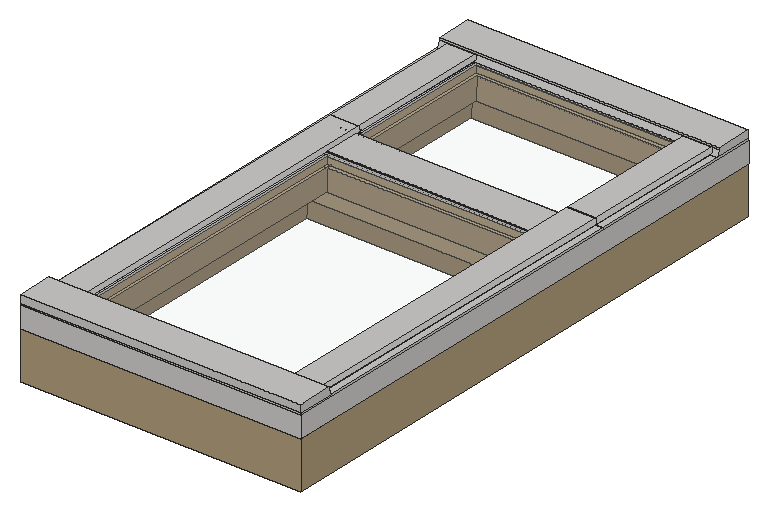
Revit family "Skylight_Fakro_FDY-V", category Generic Models, host Roof, Revit 2026
Family settings
  Host = Roof
  Can host rebar = No
  Round Connector Dimension = Use Diameter
  Part Type = Normal
  Always vertical = No
  Cut with Voids When Loaded = No
  Maintain Annotation Orientation = No
  Shared = No
  Room Calculation Point = No
Parameters
  Top Pane = ((L * 2) / 3) - (122.7 mm * 2)  # 954.6 mm
  S = 900 mm
  L = 1800 mm
  Interior Frame Material = Wood - Plywood - FAKRO
  Glazing = Glazing - Insulated - FAKRO - Triple Glazed
  Exterior Frame Material = Metal - Steel - FAKRO - Insulated
  Default Elevation = 0 mm
  Bottom Pane = (L / 3) - 122.7 mm  # 477.3 mm
  B = 1200 mm
  A = 1200 mm
Reference planes
  plane 1 "Center (Front/Back)": y = 0
  plane 2 "Roof": z = 3657.6
  plane 3 "Center (Left/Right)": x = 0
  plane 4 "Left": x = 450
  plane 5 "Right": x = -450
  plane 6 "Top": y = -710.842
  plane 7 "Not a Ref.": z = 3882.6
  plane 8: z = 3837.6
  plane 9: z = 3877.6
  plane 10: z = 3854.72
  plane 11: z = 3772.6
  plane 12: z = 3842.6
  plane 13 "Bottom": y = 1089.158
  plane 14: x = 327.341
  plane 15: x = -327.341
  plane 16: y = -588.183
  plane 17: y = 366.417
  plane 18: y = 489.198
  plane 19: y = 966.498
  plane 20 "Front": z = 3908.187
  plane 21: x = 412.61
  plane 22: x = -412.61
Forms (mm)
  Sweep 1, solid, material "Wood - Plywood - FAKRO" <- "Interior Frame Material"
    path origin (12.462, -139.342, 3908.187) x (0, 1, 0) y (-1, 0, 0)
      loop
        line (645.881, -437.538) -> (-571.5, -437.538) -> (-571.5, 462.462) -> (645.881, 462.462)
    profile origin (450, -102.152, 3908.187) x (1, 0, 0) y (0, 0, 1)
      loop
        line (-135.002, -53.467) -> (-120.522, -135.587) -> (-59.318, -135.587) -> (-59.318, -178.865) -> (-37.39, -250.587) -> (-32.39, -250.587) -> (-32.39, -240.587) -> (-22.39, -240.587) -> (-22.39, -250.587) -> (0, -250.587) -> (0, -98.187) -> (-37.39, -98.187) -> (-37.39, -30.587) -> (-59.318, -30.587) -> (-59.318, -86.347) -> (-84.318, -86.347) -> (-84.318, -30.587) -> (-122.659, -30.587) -> (-122.659, -53.467) -> (-135.002, -53.467)
  Sweep 2, solid, material "Wood - Plywood - FAKRO" <- "Interior Frame Material"
    path origin (12.462, -139.342, 3908.187) x (0, 1, 0) y (-1, 0, 0)
      loop
        line (645.881, 462.462) -> (1228.5, 462.462) -> (1228.5, -437.538) -> (645.881, -437.538)
    profile origin (450, 797.848, 3908.187) x (1, 0, 0) y (0, 0, 1)
      loop
        line (-135.002, -53.467) -> (-120.522, -135.587) -> (-59.318, -135.587) -> (-59.318, -178.865) -> (-37.39, -250.587) -> (-32.39, -250.587) -> (-32.39, -240.587) -> (-22.39, -240.587) -> (-22.39, -250.587) -> (0, -250.587) -> (0, -98.187) -> (-37.39, -98.187) -> (-37.39, -30.587) -> (-59.318, -30.587) -> (-59.318, -86.347) -> (-84.318, -86.347) -> (-84.318, -30.587) -> (-122.659, -30.587) -> (-122.659, -53.467) -> (-135.002, -53.467)
  Sweep 3, solid, material "Wood - Plywood - FAKRO" <- "Interior Frame Material"
    path origin (12.462, -139.342, 3908.187) x (0, 1, 0) y (-1, 0, 0)
      loop
        line (645.881, 425.073) -> (645.881, -400.148)
    profile origin (0, 506.539, 3908.187) x (0, 1, 0) y (0, 0, 1)
      loop
        line (-152.465, -53.467) -> (-137.985, -135.587) -> (-137.985, -178.865) -> (-116.057, -250.587) -> (-111.057, -250.587) -> (-111.057, -240.587) -> (-101.057, -240.587) -> (-101.057, -250.587) -> (-56.406, -250.587) -> (-56.406, -240.587) -> (-46.406, -240.587) -> (-46.406, -250.587) -> (-41.406, -250.587) -> (-19.478, -178.865) -> (-19.478, -135.587) -> (-4.998, -53.467) -> (-17.341, -53.467) -> (-17.341, -30.587) -> (-140.122, -30.587) -> (-140.122, -53.467) -> (-152.465, -53.467)
  Extrusion 4, solid, material "Metal - Steel - FAKRO - Insulated" <- "Exterior Frame Material"
    sketch origin (12.462, -139.342, 0) x (0, -1, 0) y (0, 0, 1)
      loop
        line (456.5, 3901.337) -> (448.841, 3882.6) -> (571.5, 3882.6) -> (571.5, 3908.187) -> (456.5, 3908.187) -> (456.5, 3901.337)
    from -437.538 to 462.462
  Extrusion 5, solid, material "Metal - Steel - FAKRO - Insulated" <- "Exterior Frame Material"
    sketch origin (12.462, 622.658, 0.5) x (0, 1, 0) y (0, 0, -1)
      loop
        line (351.5, -3901.337) -> (351.5, -3907.687) -> (466.5, -3907.687) -> (466.5, -3882.1) -> (343.636, -3882.1) -> (351.5, -3901.337)
    from -437.538 to 462.462
  Extrusion 6, solid, material "Glazing - Insulated - FAKRO - Triple Glazed" <- "Glazing"
    sketch origin (12.462, -139.342, 3657.6) x (-1, 0, 0) y (0, -1, 0)
      loop
        line (-322.538, 448.841) -> (-322.538, -505.759) -> (347.462, -505.759) -> (347.462, 448.841) -> (-322.538, 448.841)
    from 197.12 to 225
  Extrusion 7, solid, material "Glazing - Insulated - FAKRO - Triple Glazed" <- "Glazing"
    sketch origin (12.462, 1645.008, 3657.6) x (-1, 0, 0) y (0, -1, 0)
      loop
        line (-322.538, 1155.809) -> (-322.538, 678.509) -> (347.462, 678.509) -> (347.462, 1155.809) -> (-322.538, 1155.809)
    from 197.12 to 225
  Extrusion 8, void
    sketch origin (0, 0, 3657.6) x (1, 0, 0) y (0, 1, 0)
      loop
        line (450, -710.842) -> (450, 1089.158) -> (-450, 1089.158) -> (-450, -710.842) -> (450, -710.842)
    from 0 to 416.179
  Sweep 9, solid, material "Metal - Steel - FAKRO - Insulated" <- "Exterior Frame Material"
    path origin (12.462, -139.342, 3908.187) x (0, 1, 0) y (-1, 0, 0)
      loop
        line (645.881, -437.538) -> (-571.5, -437.538) -> (-571.5, 462.462) -> (645.881, 462.462)
    profile origin (450, -102.152, 3908.187) x (1, 0, 0) y (0, 0, 1)
      loop
        line (0, -25.587) -> (-25, -25.587) -> (-25, -20.587) -> (-20, -20.587) -> (-25, -6.85) -> (-115, -6.85) -> (-120, -20.587) -> (-115, -20.587) -> (-115, -25.587) -> (-122.659, -25.587) -> (-122.659, -30.587) -> (0, -30.587) -> (0, -25.587)
  Sweep 10, solid, material "Metal - Steel - FAKRO - Insulated" <- "Exterior Frame Material"
    path origin (12.462, -139.342, 3908.187) x (0, 1, 0) y (-1, 0, 0)
      loop
        line (645.881, 462.462) -> (1228.5, 462.462) -> (1228.5, -437.538) -> (645.881, -437.538)
    profile origin (450, 797.848, 3908.187) x (1, 0, 0) y (0, 0, 1)
      loop
        line (0, -25.587) -> (-25, -25.587) -> (-25, -20.587) -> (-20, -20.587) -> (-25, -6.85) -> (-115, -6.85) -> (-120, -20.587) -> (-115, -20.587) -> (-115, -25.587) -> (-122.659, -25.587) -> (-122.659, -30.587) -> (0, -30.587) -> (0, -25.587)
  Sweep 11, solid, material "Metal - Steel - FAKRO - Insulated" <- "Exterior Frame Material"
    path origin (12.462, -139.342, 3908.187) x (0, 1, 0) y (-1, 0, 0)
      loop
        line (645.881, 425.073) -> (645.881, -400.148)
    profile origin (0, 506.539, 3908.187) x (0, 1, 0) y (0, 0, 1)
      loop
        line (-140.122, -20.587) -> (-140.122, -30.587) -> (-17.341, -30.587) -> (-17.341, -20.539) -> (-20.841, -18.088) -> (-136.553, -18.088) -> (-140.122, -20.587)
  Sweep 12, solid, material "Metal - Steel - FAKRO - Insulated" <- "Exterior Frame Material"
    path origin (0, 0, 3657.6) x (1, 0, 0) y (0, 1, 0)
      loop
        line (-450, 1089.158) -> (-450, -710.842) -> (450, -710.842) -> (450, 1089.158) -> (-450, 1089.158)
    profile origin (450, 189.158, 3657.6) x (1, 0, 0) y (0, 0, 1)
      loop
        line (-37.39, 220) -> (-37.39, 152.4) -> (0, 152.4) -> (0, 220) -> (-37.39, 220)
Cuts and joins
  joined: Sweep 1, Sweep 2
Dimensions and locks
  equal spacing: host sketch curve, plane 3 "Center (Left/Right)", host sketch curve
  equal spacing: host sketch curve, plane 1 "Center (Front/Back)", host sketch curve
  "S": plane 4 "Left" to plane 5 "Right"
  equal spacing: plane 4 "Left", plane 3 "Center (Left/Right)", plane 5 "Right"
  locked: plane 4 "Left" to plane 14 at 122.659
  locked: plane 15 to plane 5 "Right" at 122.659
  locked: plane 16 to plane 6 "Top" at 122.659
  locked: plane 13 "Bottom" to plane 19 at 122.659
  locked: plane 7 "Not a Ref." to plane 20 "Front" at 25.587
  locked: plane 4 "Left" to plane 21 at 37.39
  locked: plane 22 to plane 5 "Right" at 37.39
  locked: plane 20 "Front" to host roof at 98.187
  "L": plane 13 "Bottom" to plane 6 "Top"
  "Bottom Pane": plane 18 to plane 19
  "Top Pane": plane 16 to plane 17
  locked: plane 9 to host roof at 67.6
  aligned and locked: plane 2 "Roof" to level
  aligned and locked: plane 6 "Top" to Sweep 1 sketch curve
  aligned and locked: plane 4 "Left" to Sweep 1 sketch curve
  aligned and locked: Sweep 1 sketch curve to plane 5 "Right"
  aligned and locked: Sweep 2 sketch curve to plane 13 "Bottom"
  aligned and locked: plane 4 "Left" to Extrusion 4
  aligned and locked: Extrusion 4 to plane 5 "Right"
  aligned and locked: Extrusion 5 to plane 7 "Not a Ref."
  aligned and locked: Extrusion 4 to plane 7 "Not a Ref."
  aligned and locked: plane 7 "Not a Ref." to Extrusion 6
  aligned and locked: plane 10 to Extrusion 6
  aligned and locked: plane 17 to Extrusion 6
  aligned and locked: Extrusion 6 to plane 16
  aligned and locked: Extrusion 7 to plane 18
  aligned and locked: plane 19 to Extrusion 7
  aligned and locked: Extrusion 8 sketch curve to plane 6 "Top"
  aligned and locked: Extrusion 8 sketch curve to plane 4 "Left"
  aligned and locked: plane 5 "Right" to Extrusion 8 sketch curve
  aligned and locked: plane 13 "Bottom" to Extrusion 8 sketch curve
  aligned and locked: plane 10 to Extrusion 7
  aligned and locked: plane 7 "Not a Ref." to Extrusion 7
  aligned and locked: plane 21 to Sweep 3 sketch curve
  aligned and locked: plane 22 to Sweep 3 sketch curve
  aligned and locked: Extrusion 4 to plane 20 "Front"
  aligned and locked: Extrusion 5 to plane 20 "Front"
  aligned and locked: Extrusion 5 to plane 5 "Right"
  aligned and locked: plane 4 "Left" to Extrusion 5
  aligned and locked: plane 18 to Sweep 3 sketch curve
  aligned and locked: plane 17 to Sweep 3 sketch curve
  aligned and locked: Sweep 12 sketch curve to plane 13 "Bottom"
  aligned and locked: plane 6 "Top" to Sweep 12 sketch curve
  aligned and locked: Sweep 12 sketch curve to plane 5 "Right"
  aligned and locked: plane 4 "Left" to Sweep 12 sketch curve
  aligned and locked: Sweep 12 sketch curve to plane 9
  aligned and locked: host roof to Sweep 12 sketch curve
Automatic sketch dimensions
  Sweep 1 sketch curve to plane 18 = 17.341 mm  (x2)
  Sweep 2 sketch curve to plane 4 "Left" = 0 mm
  Sweep 2 sketch curve to plane 5 "Right" = 0 mm
  Sweep 2 sketch curve to plane 18 = 17.341 mm  (x2)
  Sweep 3 sketch curve to plane 18 = 17.341 mm
  Extrusion 4 sketch curve to plane 7 "Not a Ref." = 0 mm
  Extrusion 4 sketch curve to plane 16 = 0 mm
  plane 20 "Front" to Extrusion 4 sketch curve = 0 mm
  Extrusion 4 sketch curve to plane 6 "Top" = 0 mm
  plane 16 to Extrusion 4 sketch curve = 7.659 mm
  Extrusion 4 sketch curve to Extrusion 4 sketch curve = 6.85 mm
  Extrusion 5 sketch curve to plane 7 "Not a Ref." = 0 mm
  plane 20 "Front" to Extrusion 5 sketch curve = 0 mm
  Extrusion 5 sketch curve to plane 13 "Bottom" = 0 mm
  Extrusion 5 sketch curve to plane 19 = 7.659 mm
  plane 19 to Extrusion 5 sketch curve = 0.204 mm
  plane 20 "Front" to Extrusion 5 sketch curve = 6.35 mm
  plane 17 to Extrusion 6 sketch curve = 0 mm
  plane 16 to Extrusion 6 sketch curve = 0 mm
  plane 14 to Extrusion 6 sketch curve = 7.659 mm
  Extrusion 6 sketch curve to plane 15 = 7.659 mm
  plane 19 to Extrusion 7 sketch curve = 0 mm
  plane 18 to Extrusion 7 sketch curve = 0 mm
  plane 14 to Extrusion 7 sketch curve = 7.659 mm
  Extrusion 7 sketch curve to plane 15 = 7.659 mm
  Sweep 9 sketch curve to plane 4 "Left" = 0 mm
  Sweep 9 sketch curve to plane 6 "Top" = 0 mm
  Sweep 9 sketch curve to plane 5 "Right" = 0 mm
  Sweep 9 sketch curve to plane 18 = 17.341 mm  (x2)
  profile plane to Sweep 9 sketch curve = 0 mm
  profile plane to Sweep 9 sketch curve = 20 mm
  plane 20 "Front" to Sweep 9 sketch curve = 6.85 mm
  Sweep 9 sketch curve to Sweep 9 sketch curve = 5 mm  (x6)
  plane 20 "Front" to Sweep 9 sketch curve = 20.587 mm
  Sweep 9 sketch curve to Sweep 9 sketch curve = 90 mm
  Sweep 9 sketch curve to Sweep 9 sketch curve = 0 mm
  Sweep 9 sketch curve to Sweep 9 sketch curve = 7.659 mm
  plane 20 "Front" to Sweep 9 sketch curve = 25.587 mm
  Sweep 10 sketch curve to plane 4 "Left" = 0 mm
  Sweep 10 sketch curve to plane 5 "Right" = 0 mm
  Sweep 10 sketch curve to plane 13 "Bottom" = 0 mm
  Sweep 10 sketch curve to plane 18 = 17.341 mm  (x2)
  profile plane to Sweep 10 sketch curve = 0 mm
  profile plane to Sweep 10 sketch curve = 20 mm
  plane 20 "Front" to Sweep 10 sketch curve = 6.85 mm
  Sweep 10 sketch curve to Sweep 10 sketch curve = 5 mm  (x6)
  plane 20 "Front" to Sweep 10 sketch curve = 20.587 mm
  Sweep 10 sketch curve to Sweep 10 sketch curve = 90 mm
  Sweep 10 sketch curve to Sweep 10 sketch curve = 0 mm
  Sweep 10 sketch curve to Sweep 10 sketch curve = 7.659 mm
  plane 20 "Front" to Sweep 10 sketch curve = 25.587 mm
  Sweep 11 sketch curve to plane 21 = 0 mm
  Sweep 11 sketch curve to plane 22 = 0 mm
  Sweep 11 sketch curve to plane 18 = 17.341 mm
  plane 20 "Front" to Sweep 11 sketch curve = 20.587 mm
  profile plane to Sweep 11 sketch curve = 140.122 mm
  plane 20 "Front" to Sweep 11 sketch curve = 18.088 mm
  Sweep 11 sketch curve to Sweep 11 sketch curve = 3.569 mm
  profile plane to Sweep 11 sketch curve = 20.841 mm
  Sweep 11 sketch curve to Sweep 11 sketch curve = 3.5 mm
  Sweep 11 sketch curve to Sweep 11 sketch curve = 2.451 mm
  Sweep 11 sketch curve to Sweep 11 sketch curve = 10 mm
  Sweep 3 sketch curve to Sweep 3 sketch curve = 12.343 mm
  Sweep 3 sketch curve to Sweep 3 sketch curve = 2.137 mm
  Sweep 3 sketch curve to Sweep 3 sketch curve = 21.928 mm
  Sweep 3 sketch curve to Sweep 3 sketch curve = 5 mm  (x2)
  Sweep 3 sketch curve to Sweep 3 sketch curve = 10 mm  (x4)
  Sweep 3 sketch curve to Sweep 3 sketch curve = 44.652 mm
  profile plane to Sweep 3 sketch curve = 19.478 mm
  profile plane to Sweep 3 sketch curve = 4.998 mm
  Sweep 3 sketch curve to profile plane = 250.587 mm
  Sweep 3 sketch curve to Sweep 3 sketch curve = 0 mm  (x2)
  Sweep 3 sketch curve to Sweep 3 sketch curve = 61.723 mm  (x2)
  Sweep 3 sketch curve to Sweep 3 sketch curve = 43.277 mm  (x2)
  Sweep 3 sketch curve to profile plane = 53.467 mm
  Sweep 3 sketch curve to Sweep 3 sketch curve = 22.88 mm  (x2)
  profile plane to Sweep 1 sketch curve = 0 mm
  profile plane to Sweep 1 sketch curve = 22.39 mm
  Sweep 1 sketch curve to Sweep 1 sketch curve = 10 mm  (x3)
  Sweep 1 sketch curve to Sweep 1 sketch curve = 5 mm
  profile plane to Sweep 1 sketch curve = 59.318 mm
  Sweep 1 sketch curve to Sweep 1 sketch curve = 0 mm  (x2)
  Sweep 1 sketch curve to Sweep 1 sketch curve = 25 mm
  Sweep 1 sketch curve to Sweep 1 sketch curve = 36.205 mm
  Sweep 1 sketch curve to Sweep 1 sketch curve = 38.342 mm
  Sweep 1 sketch curve to profile plane = 53.467 mm
  Sweep 1 sketch curve to Sweep 1 sketch curve = 12.343 mm
  Sweep 1 sketch curve to Sweep 1 sketch curve = 32.88 mm
  Sweep 1 sketch curve to Sweep 1 sketch curve = 11.84 mm
  Sweep 1 sketch curve to Sweep 1 sketch curve = 37.4 mm
  Sweep 1 sketch curve to Sweep 1 sketch curve = 43.277 mm
  Sweep 1 sketch curve to Sweep 1 sketch curve = 61.723 mm
  Sweep 1 sketch curve to profile plane = 30.587 mm
  Sweep 1 sketch curve to Sweep 1 sketch curve = 21.928 mm
  profile plane to Sweep 2 sketch curve = 0 mm
  profile plane to Sweep 2 sketch curve = 22.39 mm
  Sweep 2 sketch curve to Sweep 2 sketch curve = 10 mm  (x3)
  Sweep 2 sketch curve to Sweep 2 sketch curve = 5 mm
  Sweep 2 sketch curve to Sweep 2 sketch curve = 0 mm  (x2)
  Sweep 2 sketch curve to Sweep 2 sketch curve = 25 mm
  Sweep 2 sketch curve to Sweep 2 sketch curve = 36.205 mm
  Sweep 2 sketch curve to Sweep 2 sketch curve = 38.342 mm
  Sweep 2 sketch curve to profile plane = 53.467 mm
  Sweep 2 sketch curve to Sweep 2 sketch curve = 12.343 mm
  Sweep 2 sketch curve to Sweep 2 sketch curve = 32.88 mm
  Sweep 2 sketch curve to Sweep 2 sketch curve = 49.24 mm
  Sweep 2 sketch curve to Sweep 2 sketch curve = 43.277 mm
  Sweep 2 sketch curve to Sweep 2 sketch curve = 61.723 mm
  Sweep 2 sketch curve to profile plane = 30.587 mm
  Sweep 2 sketch curve to Sweep 2 sketch curve = 21.928 mm
  Sweep 2 sketch curve to Sweep 2 sketch curve = 11.84 mm
  profile plane to Sweep 2 sketch curve = 37.39 mm
  profile plane to Sweep 12 sketch curve = 0 mm
  profile plane to Sweep 12 sketch curve = 37.39 mm
